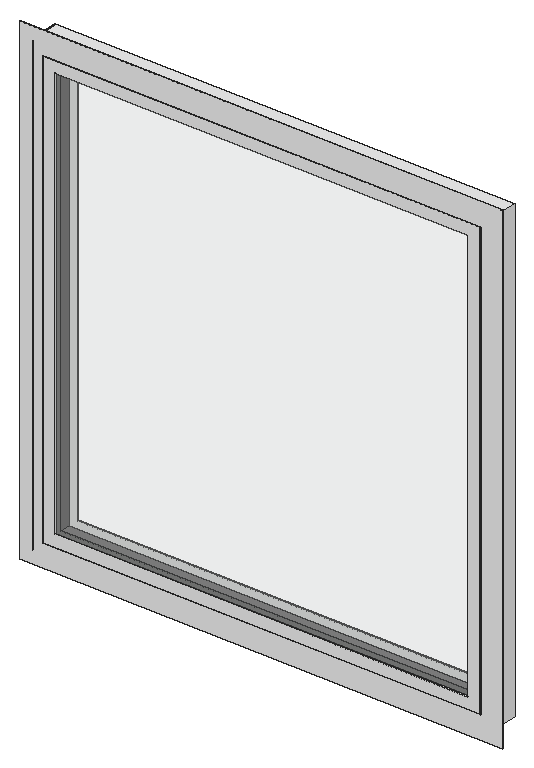
Revit family "Casement_38_A_Side_Hung_Standard", category Windows, host Wall, Revit 2014
Parameters (values of type "Casement_Sash_DG")
  Width Sash [instance] = 30 mm
  Width Sash Inner = 15 mm
  Width Bead = 15 mm
  Top Hung [instance] = yes
  Side Hung Right [instance] = yes
  Side Hung Left [instance] = yes
  Sash Opening Width [instance] = 600 mm
  Sash Opening Height [instance] = 600.312 mm
  Sash Lip = 15 mm
  Glazing Material [instance] = Glass
  DG Start Piece 2 [instance] = DG End Piece 1 + DG Gasket Thickness  # 25 mm
  DG Start Peice 1 [instance] = (Depth Sash - (2 * DG Glazing Thickness) - DG Gasket Thickness) / 2  # 6.6 mm
  Glazing Offset = 5 mm
  DG Glazing Thickness [instance] = 6.4 mm
  DG Gasket Thickness = 12 mm  # constant formula
  DG Gasket Material [instance] = Double Glazing Gasket Material
  DG End Piece 2 [instance] = DG Start Piece 2 + DG Glazing Thickness  # 31.4 mm
  DG End Piece 1 [instance] = DG Start Peice 1 + DG Glazing Thickness  # 13 mm
  Depth Sash [instance] = 38 mm
  Center Vertical Sash [instance] = Sash Opening Height / 2  # 300.156 mm
  Center Horizontal Sash [instance] = Sash Opening Width / 2  # 300 mm
  Bottom Hung [instance] = yes
  Bead Offset = 15 mm
  Aluminium Thickness = 1 mm
  Aluminium Material [instance] = White Powder Coated Aluminium
Reference planes
  plane 1 "Center (Front/Back)": y = 0
  plane 2: z = 0
  plane 3 "Center (Left/Right)": x = 0
Forms (mm)
  Sweep 1, solid, material "White Powder Coated Aluminium" <- "Aluminium Material"
    path origin (16.177, 0, 121.331) x (1, 0, 0) y (0, 0, 1)
      loop
        line (0, 0) -> (600, 0) -> (600, 600.312) -> (0, 600.312) -> (0, 0)
    profile origin (316.177, 0, 121.331) x (0, 0, 1) y (0, -1, 0)
      loop
        line (0, 0) -> (30, 0) -> (30, 1) -> (15, 1) -> (15, 38) -> (-15, 38) -> (-15, 37) -> (0, 37) -> (0, 0)
      loop
        line (14, 1) -> (14, 37) -> (1, 37) -> (1, 1) -> (14, 1)
  Sweep 2, solid, material "White Powder Coated Aluminium" <- "Aluminium Material"
    path origin (0, 0, 0) x (1, 0, 0) y (0, 0, 1)
      loop
        line (31.177, 706.643) -> (31.177, 136.331) -> (601.177, 136.331) -> (601.177, 706.643) -> (31.177, 706.643)
    profile origin (316.177, 0, 706.643) x (0, 0, 1) y (0, -1, 0)
      loop
        line (0, 37) -> (0, 38) -> (-15, 38) -> (-15, 37) -> (0, 37)
  Extrusion 3, solid, material "Glass" <- "Glazing Material"
    sketch origin (0, 0, 0) x (1, 0, 0) y (0, 0, 1)
      loop
        line (36.177, 701.643) -> (36.177, 141.331) -> (596.177, 141.331) -> (596.177, 701.643) -> (36.177, 701.643)
    from 6.6 <- "DG Start Peice 1" to 13 <- "DG End Piece 1"
  Extrusion 4, solid, material "Glass" <- "Glazing Material"
    sketch origin (0, 0, 0) x (1, 0, 0) y (0, 0, 1)
      loop
        line (36.177, 701.643) -> (36.177, 141.331) -> (596.177, 141.331) -> (596.177, 701.643) -> (36.177, 701.643)
    from 31.4 <- "DG End Piece 2" to 25 <- "DG Start Piece 2"
  Sweep 5, solid, material "Double Glazing Gasket Material" <- "DG Gasket Material"
    path origin (0, -13, 0) x (1, 0, 0) y (0, 0, 1)
      loop
        line (36.177, 701.643) -> (36.177, 141.331) -> (596.177, 141.331) -> (596.177, 701.643) -> (36.177, 701.643)
    profile origin (316.177, -13, 701.643) x (0, 0, 1) y (0, -1, 0)
      loop
        line (0, 0) -> (0, 12) -> (-7.96, 12) -> (-7.96, 0) -> (0, 0)
Lines and regions (mm)
  model lines
    curve 1: line (1.177, -38, 736.643) -> (31.177, -38, 706.643)
    curve 2: line (601.177, -38, 706.643) -> (631.177, -38, 736.643)
    curve 3: line (601.177, -38, 136.331) -> (631.177, -38, 106.331)
    curve 4: line (1.177, -38, 106.331) -> (31.177, -38, 136.331)
    curve 5: line (631.177, -37, 736.643) -> (616.177, -37, 721.643)
    curve 6: line (1.177, -37, 736.643) -> (16.177, -37, 721.643)
    curve 7: line (1.177, -37, 106.331) -> (16.177, -37, 121.331)
    curve 8: line (631.177, -37, 106.331) -> (616.177, -37, 121.331)
    curve 9: line (616.177, 0, 121.331) -> (586.177, 0, 151.331)
    curve 10: line (46.177, 0, 151.331) -> (16.177, 0, 121.331)
    curve 11: line (616.177, 0, 721.643) -> (586.177, 0, 691.643)
    curve 12: line (46.177, 0, 691.643) -> (16.177, 0, 721.643)
    curve 13: line (31.177, -38, 691.643) -> (46.177, -38, 691.643)
    curve 14: line (586.177, -38, 691.643) -> (601.177, -38, 691.643)
    curve 15: line (586.177, -38, 151.331) -> (601.177, -38, 151.331)
    curve 16: line (31.177, -38, 151.331) -> (46.177, -38, 151.331)
  model lines, style "GenericModelHiddenLines", visible <- "Top Hung"
    curve 17: line (46.386, -31.4, 690.914) -> (316.177, -31.4, 151.331)
    curve 18: line (316.177, -31.4, 151.331) -> (586.177, -31.4, 691.331)
  model lines, style "GenericModelHiddenLines", visible <- "Bottom Hung"
    curve 19: line (46.177, -31.4, 151.331) -> (316.177, -31.4, 691.331)
    curve 20: line (316.177, -31.4, 691.331) -> (586.177, -31.4, 151.331)
  model lines, style "GenericModelHiddenLines", visible <- "Side Hung Left"
    curve 21: line (46.386, -31.4, 690.914) -> (585.24, -31.4, 421.487)
    curve 22: line (585.24, -31.4, 421.487) -> (46.177, -31.4, 151.331)
  model lines, style "GenericModelHiddenLines", visible <- "Side Hung Right"
    curve 23: line (586.177, -31.4, 691.331) -> (46.177, -31.4, 421.487)
    curve 24: line (46.177, -31.4, 421.487) -> (586.177, -31.4, 151.331)
Dimensions and locks
  "Aluminium Thickness": Sweep 1 sketch curve to Sweep 1 sketch curve  (x4)
  "Depth Sash": Sweep 1 sketch curve to Sweep 1 sketch curve
  "Sash Opening Width": Sweep 1 to Sweep 1
  "Sash Opening Height": Sweep 1 to Sweep 1
  "Width Sash": Sweep 1 sketch curve to Sweep 1 sketch curve  (x2)
  "Width Sash Inner": Sweep 1 sketch curve to Sweep 1 sketch curve
  "Sash Lip": Sweep 1 sketch curve to Sweep 1 sketch curve
  "Aluminium Thickness": Sweep 1 to Sweep 2 sketch curve
  "Glazing Offset": Sweep 2 to Extrusion 3 sketch curve  (x3)
  "Glazing Offset": Extrusion 3 sketch curve to Sweep 2
  Sweep 1 to Sweep 1 = 1 mm
  "Aluminium Thickness": Sweep 2 sketch curve to Sweep 2 sketch curve
  "Width Bead": Sweep 2 sketch curve to Sweep 2 sketch curve
  locked: Sweep 5 sketch curve to Sweep 5 sketch curve at 7.96
  "Center Horizontal Sash": Sweep 1 to curve 18
  "Center Horizontal Sash": Sweep 1 to curve 20
  "Center Vertical Sash": Sweep 1 to curve 22
  "Center Vertical Sash": Sweep 1 to curve 24
  aligned and locked: level to plane 2
  aligned and locked: Sweep 1 sketch curve to Sweep 1 sketch curve  (x2)
  aligned and locked: Sweep 2 sketch curve to Sweep 1  (x5)
  aligned and locked: Extrusion 4 sketch curve to Extrusion 3  (x4)
  aligned and locked: Sweep 5 sketch curve to Extrusion 3  (x5)
  aligned and locked: Extrusion 3 to Sweep 5 sketch curve
Automatic sketch dimensions
  plane 3 "Center (Left/Right)" to Sweep 1 sketch curve = 16.177 mm
  level to Sweep 1 sketch curve = 121.331 mm
  plane 3 "Center (Left/Right)" to Sweep 1 sketch curve = 616.177 mm
  level to Sweep 1 sketch curve = 721.643 mm
  profile plane to Sweep 5 sketch curve = 12 mm
  curve 7 to Sweep 1 = 0 mm  (x4)
  curve 6 to Sweep 1 = 0 mm  (x3)
  Sweep 1 to curve 6 = 0 mm
  curve 5 to Sweep 1 = 0 mm  (x3)
  curve 8 to Sweep 1 = 0 mm  (x4)
  Sweep 1 to curve 5 = 0 mm
  curve 16 to Sweep 2 = 0 mm  (x3)
  curve 13 to Sweep 2 = 0 mm  (x3)
  curve 15 to Sweep 2 = 0 mm
  Sweep 2 to curve 15 = 0 mm  (x2)
  curve 14 to Sweep 2 = 0 mm  (x2)
  Sweep 2 to curve 14 = 0 mm
  curve 1 to Sweep 1 = 0 mm  (x4)
  curve 4 to Sweep 1 = 0 mm  (x3)
  Sweep 1 to curve 4 = 0 mm
  curve 3 to Sweep 1 = 0 mm  (x3)
  curve 2 to Sweep 1 = 0 mm  (x4)
  Sweep 1 to curve 3 = 0 mm
  curve 10 to Sweep 1 = 0 mm  (x4)
  curve 12 to Sweep 1 = 0 mm  (x3)
  Sweep 1 to curve 12 = 0 mm
  curve 9 to Sweep 1 = 0 mm  (x4)
  curve 11 to Sweep 1 = 0 mm  (x3)
  Sweep 1 to curve 11 = 0 mm
  Sweep 1 sketch curve to plane 1 "Center (Front/Back)" = 0 mm
  profile plane to Sweep 1 sketch curve = 0 mm
  curve 21 to Extrusion 4 = 10.208 mm
  curve 19 to Extrusion 4 = 10 mm
  curve 23 to Extrusion 4 = 10 mm  (x2)
  curve 22 to Extrusion 4 = 10.937 mm
  curve 20 to Extrusion 4 = 10 mm
  curve 24 to Extrusion 4 = 10 mm
  curve 22 to Extrusion 4 = 10 mm
  curve 18 to Extrusion 4 = 10 mm
  curve 21 to Extrusion 4 = 10.729 mm
  curve 19 to Extrusion 4 = 10.312 mm
  curve 18 to Extrusion 4 = 10.312 mm
Types in the file's own list only (6): name | Windload Design | Width Sash Opening | Width Sash | Width Profile | Width | URL | Offset Window Exterior | Max System DG Unit Thickness | Max System DG One Piece Thickness | Max Pane Area | Intruderprufe U Value | Intruderprufe SHGC Value | Intruderprufe LowE U Value | Intruderprufe LowE SHGC Value | Intruderprufe Insulated U Value | Intruderprufe Insulated SHGC Value | Intruderprufe Insulated LowE U Value | Intruderprufe Insulated LowE SHGC Value | Height | Energy Advantage U Value | Energy Advantage SHGC Value | DG Thickness Calc | Custom Window Width | Custom Window Height | Window Exterior Offset | Custom Windload | Sash Width | Sash Height | Sash Spacing Inner | Sash Overlap | Sash Center Offset | SG Gasket Thickness | Offset Sash Left | Offset Sash 1 Top | Offset Bead SG Center Reversed | Model | Manufacturer | Limit Window Width Min | Limit Window Width Max | Limit Window Height Min | Limit Window Height Max | Limit Sash Width Min | Limit Sash Width Max | Limit Sash Height Min | Limit Sash Height Max | Height Sash 1 Opening | Height Sash | Description | Frame Center Offset | Depth Bead | Default Sill Height | Wall Closure | DG Gasket Finish | DG Extrusion Start | Clearvue U Value | Clearvue SHGC Value | Clearvue Insulated U Value | Clearvue Insulated SHGC Value | Clearvue Insulated LowE U Value | Clearvue Insulated LowE SHGC Value | Casement Dimension | Bead SG Gap
  38-0609S-1000Pa | 1000 mm | 544 mm | 514 mm | 30 mm | 590 mm | "http://www.crealco.co.za/crealco-products.php" | 19 mm | 25 mm | 6 mm | 0.37 m² | 6.07 | 0.533 | 4.73 | 0.476 | 4.14 | 0.461 | 3.68 | 0.419 | 890 mm | 4.83 | 0.505 | 4 mm | 590 mm | 890 mm | 0 mm | 1000 mm | 544 mm | 844 mm | 8 mm | 7 mm | 16 mm | 6 mm | 23 mm | 23 mm | 19 mm | "Casement 38" | "Crealco" | 346 mm | 746 mm | 346 mm | 1546 mm | 300 mm | 700 mm | 300 mm | 1500 mm | 844 mm | 814 mm | "Window 38mm, Type A side hung" | 19 mm | 24 mm | 800 mm | By host | Double Glazing Gasket Material | 9 mm | 6.16 | 0.563 | 4.24 | 0.493 | 3.77 | 0.449 | 38 mm | 13 mm
  38-0609S-1500Pa | 1500 mm | 544 mm | 514 mm | 30 mm | 590 mm | "http://www.crealco.co.za/crealco-products.php" | 19 mm | 25 mm | 6 mm | 0.37 m² | 6.07 | 0.533 | 4.73 | 0.476 | 4.14 | 0.461 | 3.68 | 0.419 | 890 mm | 4.83 | 0.505 | 4 mm | 590 mm | 890 mm | 0 mm | 1500 mm | 544 mm | 844 mm | 8 mm | 7 mm | 16 mm | 6 mm | 23 mm | 23 mm | 19 mm | "Casement 38" | "Crealco" | 346 mm | 746 mm | 346 mm | 1546 mm | 300 mm | 700 mm | 300 mm | 1500 mm | 844 mm | 814 mm | "Window 38mm, Type A side hung" | 19 mm | 24 mm | 800 mm | By host | Double Glazing Gasket Material | 9 mm | 6.16 | 0.563 | 4.24 | 0.493 | 3.77 | 0.449 | 38 mm | 13 mm
  38-0609S-2000Pa | 2000 mm | 544 mm | 514 mm | 30 mm | 590 mm | "http://www.crealco.co.za/crealco-products.php" | 19 mm | 25 mm | 6 mm | 0.37 m² | 6.07 | 0.533 | 4.73 | 0.476 | 4.14 | 0.461 | 3.68 | 0.419 | 890 mm | 4.83 | 0.505 | 4 mm | 590 mm | 890 mm | 0 mm | 2000 mm | 544 mm | 844 mm | 8 mm | 7 mm | 16 mm | 6 mm | 23 mm | 23 mm | 19 mm | "Casement 38" | "Crealco" | 346 mm | 746 mm | 346 mm | 1546 mm | 300 mm | 700 mm | 300 mm | 1500 mm | 844 mm | 814 mm | "Window 38mm, Type A side hung" | 19 mm | 24 mm | 800 mm | By host | Double Glazing Gasket Material | 9 mm | 6.16 | 0.563 | 4.24 | 0.493 | 3.77 | 0.449 | 38 mm | 13 mm
  38-0612S-1000Pa | 1000 mm | 544 mm | 514 mm | 30 mm | 590 mm | "http://www.crealco.co.za/crealco-products.php" | 19 mm | 25 mm | 6 mm | 0.51 m² | 6.04 | 0.555 | 4.64 | 0.495 | 4.02 | 0.48 | 3.54 | 0.436 | 1190 mm | 4.75 | 0.526 | 4 mm | 590 mm | 1190 mm | 0 mm | 1000 mm | 544 mm | 1144 mm | 8 mm | 7 mm | 16 mm | 6 mm | 23 mm | 23 mm | 19 mm | "Casement 38" | "Crealco" | 346 mm | 746 mm | 346 mm | 1546 mm | 300 mm | 700 mm | 300 mm | 1500 mm | 1144 mm | 1114 mm | "Window 38mm, Type A side hung" | 19 mm | 24 mm | 800 mm | By host | Double Glazing Gasket Material | 9 mm | 6.14 | 0.587 | 4.11 | 0.514 | 3.62 | 0.469 | 38 mm | 13 mm
  38-0612S-1500Pa | 1500 mm | 544 mm | 514 mm | 30 mm | 590 mm | "http://www.crealco.co.za/crealco-products.php" | 19 mm | 25 mm | 6 mm | 0.51 m² | 6.04 | 0.555 | 4.64 | 0.495 | 4.02 | 0.48 | 3.54 | 0.436 | 1190 mm | 4.75 | 0.526 | 4 mm | 590 mm | 1190 mm | 0 mm | 1500 mm | 544 mm | 1144 mm | 8 mm | 7 mm | 16 mm | 6 mm | 23 mm | 23 mm | 19 mm | "Casement 38" | "Crealco" | 346 mm | 746 mm | 346 mm | 1546 mm | 300 mm | 700 mm | 300 mm | 1500 mm | 1144 mm | 1114 mm | "Window 38mm, Type A side hung" | 19 mm | 24 mm | 800 mm | By host | Double Glazing Gasket Material | 9 mm | 6.14 | 0.587 | 4.11 | 0.514 | 3.62 | 0.469 | 38 mm | 13 mm
  38-0612S-2000Pa | 2000 mm | 544 mm | 514 mm | 30 mm | 590 mm | "http://www.crealco.co.za/crealco-products.php" | 19 mm | 25 mm | 6 mm | 0.51 m² | 6.04 | 0.555 | 4.64 | 0.495 | 4.02 | 0.48 | 3.54 | 0.436 | 1190 mm | 4.75 | 0.526 | 4 mm | 590 mm | 1190 mm | 0 mm | 2000 mm | 544 mm | 1144 mm | 8 mm | 7 mm | 16 mm | 6 mm | 23 mm | 23 mm | 19 mm | "Casement 38" | "Crealco" | 346 mm | 746 mm | 346 mm | 1546 mm | 300 mm | 700 mm | 300 mm | 1500 mm | 1144 mm | 1114 mm | "Window 38mm, Type A side hung" | 19 mm | 24 mm | 800 mm | By host | Double Glazing Gasket Material | 9 mm | 6.14 | 0.587 | 4.11 | 0.514 | 3.62 | 0.469 | 38 mm | 13 mm
